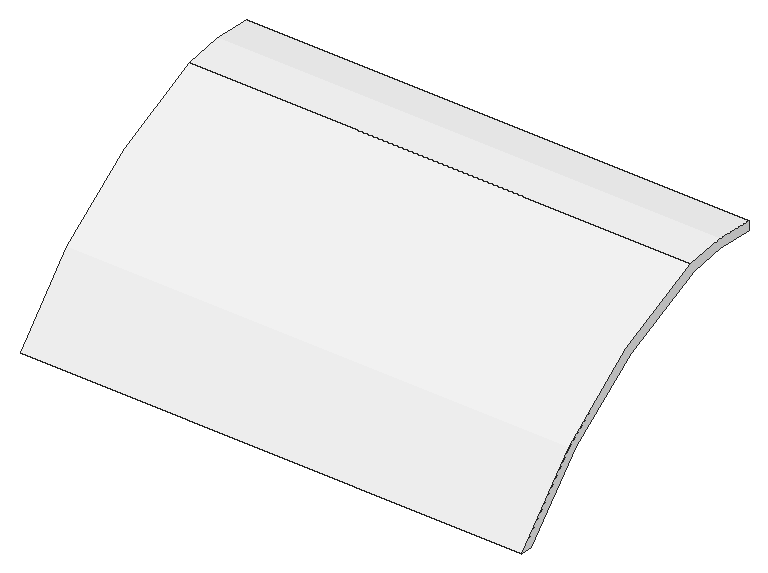
Revit family "232010", category Sanitärinstallationen, Revit 2014
Parameters (values of type "Typ 1")
  URL = "http://www.duravit.de/"
  Revisionsdatum / Revision date = ""
  Produktseite / Product URL = "http://www.pro.duravit.com/232010"
  OK Waschtisch / top of sink [instance] = 850 mm
  Modellbeschreibung / Modeldescription = "Möbelwaschtisch 1000mm DuraStyle / Furniture basin 100 cm DuraStyle"
  Modell = "232010"
  Mischbatterie / faucet [instance] = yes
  Material Keramik = Duravit Keramik
  Material Chrom = Stahl, verchromt
  Lüftungsverbindung = no
  LEED Credit = 0
  KW-Verbindung = no
  Höhe Fußbodenaufbau / Heigt of Floor (Standard) [instance] = 100 mm
  Hersteller = "Duravit"
  HW-Verbindung = no
  Familie von / Family made by = "http://bytesandbuilding.de"
  E-Mail Kontakt = ""
  Behindertengerecht / ADA Compliant = no
  Baugruppenkennzeichen = "D2010400"
  Abwasserrohrverbindung = no
Reference planes
  plane 1: y = 0
  plane 2 "Mitte (Links/Rechts)": x = 125
  plane 3 "Hinten": y = 75
  plane 4: z = 0
  plane 5: z = 100
  plane 6 "OK Waschtisch / top of Sink": z = 950
Text (mm)
  text "Platzierungsseite" at (-1787.139, 592.35, 0), in view "Referenzebene"
  text "Platzierungsseite" at (0, 1827.695, 2917.686), in view "Links"
  text "Platzierungsseite" at (0, 562.268, 3853.606), in view "Rechts"
Dimensions and locks
  locked: plane 3 "Hinten" to host wall at 0
  "OK Waschtisch / top of sink": plane 6 "OK Waschtisch / top of Sink" to plane 5
  "Höhe Fußbodenaufbau / Heigt of Floor (Standard)": plane 5 to level
  aligned and locked: host wall to plane 1
  aligned and locked: level to plane 4
  aligned and locked: host wall to nested 1
Nested families
  nested 1: "232010_" at (125, 75, 950) x (-1, 0, 0) z (0, 0, 1), Material Keramik <- "Material Keramik", Material Chrom <- "Material Chrom", type "232010_"
    with Mischbatterie yes, Material Keramik Duravit Keramik, Material Chrom Stahl, verchromt
Definition of nested family "232010_"
  Parameters (values of type "232010_")
    Mischbatterie [instance] = yes
    Material Keramik [instance] = Duravit Keramik
    Material Chrom [instance] = Stahl, verchromt
  Reference planes
    plane 1 "Mitte (Vorne/Hinten)": y = 0
    plane 2: z = 0
    plane 3 "Mitte (Links/Rechts)": x = 0
  Forms (mm)
    Extrusion 1, solid, material "Duravit Keramik" <- "Material Keramik"
      sketch origin (3.901, -0.019, 0) x (0.009729, 0.999953, 0) y (0, 0, 1)
        loop
          line (-430.924, -0.054) -> (-430.924, -1.056)
          arc (-430.924, -1.056) -> (-427.266, -1.116) -> (-423.681, -1.84) r 20.029
          arc (-423.681, -1.84) -> (-411.618, -8.81) -> (-402.12, -19.001) r 47.132
          line (-402.12, -19.001) -> (-400.913, -19.001)
          arc (-400.913, -19.001) -> (-410.745, -8.228) -> (-423.353, -0.895) r 48.132
          arc (-423.353, -0.895) -> (-427.1, -0.128) -> (-430.924, -0.054) r 21.029
      from 1.325 to -52.836
  Dimensions and locks
    aligned and locked: level to plane 2
